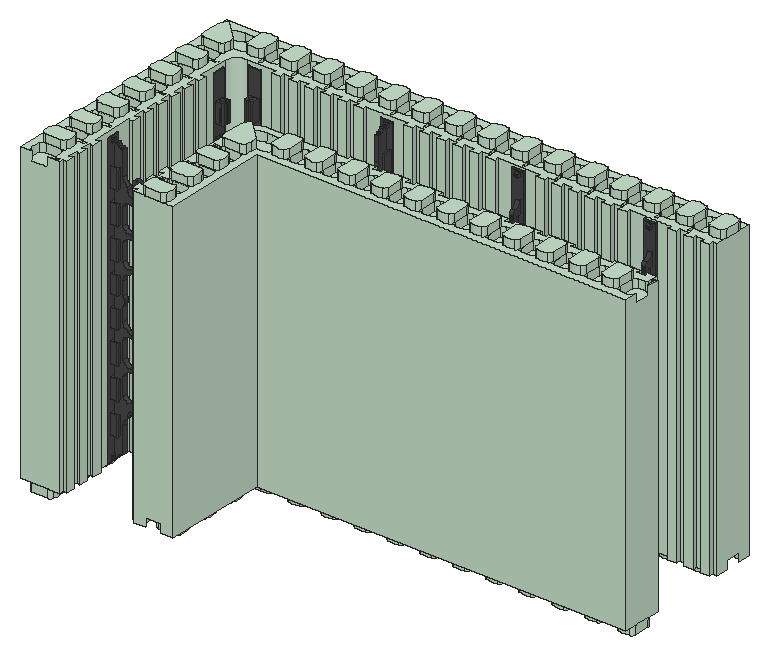
Revit family (continued)
Forms (mm)
  Extrusion 54, void
    sketch origin (381.35, -25.291, 0) x (-1, 0, 0) y (0, -1, 0)
      loop
        arc (-48.685, -95.62) -> (-48.795, -96.199) -> (-49.108, -96.698) r 1.588
        arc (-49.108, -96.698) -> (-50.362, -98.696) -> (-50.8, -101.014) r 6.35
        line (-50.8, -101.014) -> (-50.8, -124.411)
        arc (-50.8, -124.411) -> (-49.585, -128.147) -> (-46.404, -130.453) r 6.35
    from 0 to 12.7
  Extrusion 55, void
    sketch origin (432.15, -25.291, 0) x (-1, 0, 0) y (0, -1, 0)
      loop
        arc (-46.404, -130.453) -> (-38.1, -131.762) -> (-29.796, -130.453) r 26.987
        arc (-29.796, -130.453) -> (-26.615, -128.147) -> (-25.4, -124.411) r 6.35
        line (-25.4, -124.411) -> (-25.4, -101.014)
        arc (-25.4, -101.014) -> (-26.615, -97.278) -> (-29.796, -94.972) r 6.35
        arc (-29.796, -94.972) -> (-36.091, -93.737) -> (-42.5, -94.024) r 26.987
        arc (-42.5, -94.024) -> (-43.786, -93.668) -> (-44.346, -92.457) r 1.588
        line (-44.346, -92.457) -> (-44.346, -86.829) -> (-48.685, -86.829) -> (-48.685, -95.62)
        arc (-48.685, -95.62) -> (-48.795, -96.199) -> (-49.108, -96.698) r 1.588
        arc (-49.108, -96.698) -> (-50.362, -98.696) -> (-50.8, -101.014) r 6.35
        line (-50.8, -101.014) -> (-50.8, -124.411)
        arc (-50.8, -124.411) -> (-49.585, -128.147) -> (-46.404, -130.453) r 6.35
    from 0 to 12.7
  Extrusion 56, void
    sketch origin (482.95, -25.291, 0) x (-1, 0, 0) y (0, -1, 0)
      loop
        arc (-46.404, -130.453) -> (-38.1, -131.762) -> (-29.796, -130.453) r 26.987
        arc (-29.796, -130.453) -> (-26.615, -128.147) -> (-25.4, -124.411) r 6.35
        line (-25.4, -124.411) -> (-25.4, -101.014)
        arc (-25.4, -101.014) -> (-26.615, -97.278) -> (-29.796, -94.972) r 6.35
        arc (-29.796, -94.972) -> (-36.091, -93.737) -> (-42.5, -94.024) r 26.987
        arc (-42.5, -94.024) -> (-43.786, -93.668) -> (-44.346, -92.457) r 1.588
        line (-44.346, -92.457) -> (-44.346, -86.829) -> (-48.685, -86.829) -> (-48.685, -95.62)
        arc (-48.685, -95.62) -> (-48.795, -96.199) -> (-49.108, -96.698) r 1.588
        arc (-49.108, -96.698) -> (-50.362, -98.696) -> (-50.8, -101.014) r 6.35
        line (-50.8, -101.014) -> (-50.8, -124.411)
        arc (-50.8, -124.411) -> (-49.585, -128.147) -> (-46.404, -130.453) r 6.35
    from 0 to 12.7
  Extrusion 57, void
    sketch origin (533.75, -25.291, 0) x (-1, 0, 0) y (0, -1, 0)
      loop
        arc (-46.404, -130.453) -> (-38.1, -131.762) -> (-29.796, -130.453) r 26.987
        arc (-29.796, -130.453) -> (-26.615, -128.147) -> (-25.4, -124.411) r 6.35
        line (-25.4, -124.411) -> (-25.4, -101.014)
        arc (-25.4, -101.014) -> (-26.615, -97.278) -> (-29.796, -94.972) r 6.35
        arc (-29.796, -94.972) -> (-36.091, -93.737) -> (-42.5, -94.024) r 26.987
        arc (-42.5, -94.024) -> (-43.786, -93.668) -> (-44.346, -92.457) r 1.588
        line (-44.346, -92.457) -> (-44.346, -86.829) -> (-48.685, -86.829) -> (-48.685, -95.62)
        arc (-48.685, -95.62) -> (-48.795, -96.199) -> (-49.108, -96.698) r 1.588
        arc (-49.108, -96.698) -> (-50.362, -98.696) -> (-50.8, -101.014) r 6.35
        line (-50.8, -101.014) -> (-50.8, -124.411)
        arc (-50.8, -124.411) -> (-49.585, -128.147) -> (-46.404, -130.453) r 6.35
    from 0 to 12.7
  Extrusion 58, void
    sketch origin (584.55, -25.291, 0) x (-1, 0, 0) y (0, -1, 0)
      loop
        arc (-46.404, -130.453) -> (-38.1, -131.762) -> (-29.796, -130.453) r 26.987
        arc (-29.796, -130.453) -> (-26.615, -128.147) -> (-25.4, -124.411) r 6.35
        line (-25.4, -124.411) -> (-25.4, -101.014)
        arc (-25.4, -101.014) -> (-26.615, -97.278) -> (-29.796, -94.972) r 6.35
        arc (-29.796, -94.972) -> (-36.091, -93.737) -> (-42.5, -94.024) r 26.987
        arc (-42.5, -94.024) -> (-43.786, -93.668) -> (-44.346, -92.457) r 1.588
        line (-44.346, -92.457) -> (-44.346, -86.829) -> (-48.685, -86.829) -> (-48.685, -95.62)
        arc (-48.685, -95.62) -> (-48.795, -96.199) -> (-49.108, -96.698) r 1.588
        arc (-49.108, -96.698) -> (-50.362, -98.696) -> (-50.8, -101.014) r 6.35
        line (-50.8, -101.014) -> (-50.8, -124.411)
        arc (-50.8, -124.411) -> (-49.585, -128.147) -> (-46.404, -130.453) r 6.35
    from 0 to 12.7
  Extrusion 59, void
    sketch origin (635.35, -25.291, 0) x (-1, 0, 0) y (0, -1, 0)
      loop
        arc (-46.404, -130.453) -> (-38.1, -131.762) -> (-29.796, -130.453) r 26.987
        arc (-29.796, -130.453) -> (-26.615, -128.147) -> (-25.4, -124.411) r 6.35
        line (-25.4, -124.411) -> (-25.4, -101.014)
        arc (-25.4, -101.014) -> (-26.615, -97.278) -> (-29.796, -94.972) r 6.35
        arc (-29.796, -94.972) -> (-36.091, -93.737) -> (-42.5, -94.024) r 26.987
        arc (-42.5, -94.024) -> (-43.786, -93.668) -> (-44.346, -92.457) r 1.588
        line (-44.346, -92.457) -> (-44.346, -86.829) -> (-48.685, -86.829) -> (-48.685, -95.62)
        arc (-48.685, -95.62) -> (-48.795, -96.199) -> (-49.108, -96.698) r 1.588
        arc (-49.108, -96.698) -> (-50.362, -98.696) -> (-50.8, -101.014) r 6.35
        line (-50.8, -101.014) -> (-50.8, -124.411)
        arc (-50.8, -124.411) -> (-49.585, -128.147) -> (-46.404, -130.453) r 6.35
    from 0 to 12.7
  Extrusion 60, void
    sketch origin (-25.05, -431.691, 0) x (1, 0, 0) y (0, 1, 0)
      loop
        arc (101.014, 228.6) -> (97.278, 227.385) -> (94.972, 224.204) r 6.35
        arc (94.972, 224.204) -> (93.737, 217.909) -> (94.024, 211.5) r 26.987
        arc (94.024, 211.5) -> (93.668, 210.214) -> (92.457, 209.654) r 1.587
        line (92.457, 209.654) -> (86.829, 209.654) -> (86.829, 205.315) -> (95.62, 205.315)
        arc (95.62, 205.315) -> (96.199, 205.205) -> (96.698, 204.892) r 1.587
        arc (96.698, 204.892) -> (98.696, 203.638) -> (101.014, 203.2) r 6.35
        line (101.014, 203.2) -> (124.411, 203.2)
        arc (124.411, 203.2) -> (128.147, 204.415) -> (130.453, 207.596) r 6.35
        arc (130.453, 207.596) -> (131.763, 215.9) -> (130.453, 224.204) r 26.988
        arc (130.453, 224.204) -> (128.147, 227.385) -> (124.411, 228.6) r 6.35
        line (124.411, 228.6) -> (101.014, 228.6)
    from 0 to 12.7
  Extrusion 61, void
    sketch origin (-25.05, -380.891, 0) x (1, 0, 0) y (0, 1, 0)
      loop
        arc (101.014, 228.6) -> (97.278, 227.385) -> (94.972, 224.204) r 6.35
        arc (94.972, 224.204) -> (93.737, 217.909) -> (94.024, 211.5) r 26.987
        arc (94.024, 211.5) -> (93.668, 210.214) -> (92.457, 209.654) r 1.587
        line (92.457, 209.654) -> (86.829, 209.654) -> (86.829, 205.315) -> (95.62, 205.315)
        arc (95.62, 205.315) -> (96.199, 205.205) -> (96.698, 204.892) r 1.587
        arc (96.698, 204.892) -> (98.696, 203.638) -> (101.014, 203.2) r 6.35
        line (101.014, 203.2) -> (124.411, 203.2)
        arc (124.411, 203.2) -> (128.147, 204.415) -> (130.453, 207.596) r 6.35
        arc (130.453, 207.596) -> (131.763, 215.9) -> (130.453, 224.204) r 26.988
        arc (130.453, 224.204) -> (128.147, 227.385) -> (124.411, 228.6) r 6.35
        line (124.411, 228.6) -> (101.014, 228.6)
    from 0 to 12.7
  Extrusion 62, void
    sketch origin (-25.05, 25.509, 0) x (0, -1, 0) y (1, 0, 0)
      loop
        line (119.063, 93.663) -> (139.7, 93.663)
        arc (139.7, 93.663) -> (141.907, 93.753) -> (144.1, 94.024) r 26.987
        arc (144.1, 94.024) -> (145.386, 93.668) -> (145.946, 92.457) r 1.587
        line (145.946, 92.457) -> (145.946, 86.829) -> (150.285, 86.829) -> (150.285, 95.62)
        arc (150.285, 95.62) -> (150.395, 96.199) -> (150.708, 96.698) r 1.588
        arc (150.708, 96.698) -> (151.962, 98.696) -> (152.4, 101.014) r 6.35
        line (152.4, 101.014) -> (152.4, 124.411)
        arc (152.4, 124.411) -> (151.185, 128.147) -> (148.004, 130.453) r 6.35
        arc (148.004, 130.453) -> (143.903, 131.433) -> (139.7, 131.763) r 26.987
        line (139.7, 131.763) -> (131.763, 131.763) -> (101.102, 101.102)
        arc (101.102, 101.102) -> (109.342, 95.596) -> (119.063, 93.663) r 25.4
    from 0 to 12.7
  Extrusion 63, void
    sketch origin (330.55, 25.509, 0) x (-1, 0, 0) y (0, -1, 0)
      loop
        arc (177.8, 101.014) -> (179.015, 97.278) -> (182.196, 94.972) r 6.35
        arc (182.196, 94.972) -> (188.491, 93.737) -> (194.9, 94.024) r 26.988
        arc (194.9, 94.024) -> (196.186, 93.668) -> (196.746, 92.457) r 1.587
        line (196.746, 92.457) -> (196.746, 86.829) -> (201.085, 86.829) -> (201.085, 95.62)
        arc (201.085, 95.62) -> (201.195, 96.199) -> (201.508, 96.698) r 1.588
        arc (201.508, 96.698) -> (202.762, 98.696) -> (203.2, 101.014) r 6.35
        line (203.2, 101.014) -> (203.2, 124.411)
        arc (203.2, 124.411) -> (201.985, 128.147) -> (198.804, 130.453) r 6.35
        arc (198.804, 130.453) -> (190.5, 131.763) -> (182.196, 130.453) r 26.987
        arc (182.196, 130.453) -> (179.015, 128.147) -> (177.8, 124.411) r 6.35
        line (177.8, 124.411) -> (177.8, 101.014)
    from 0 to 12.7
  Extrusion 64, void
    sketch origin (381.35, 25.509, 0) x (-1, 0, 0) y (0, -1, 0)
      loop
        arc (177.8, 101.014) -> (179.015, 97.278) -> (182.196, 94.972) r 6.35
        arc (182.196, 94.972) -> (188.491, 93.737) -> (194.9, 94.024) r 26.988
        arc (194.9, 94.024) -> (196.186, 93.668) -> (196.746, 92.457) r 1.587
        line (196.746, 92.457) -> (196.746, 86.829) -> (201.085, 86.829) -> (201.085, 95.62)
        arc (201.085, 95.62) -> (201.195, 96.199) -> (201.508, 96.698) r 1.588
        arc (201.508, 96.698) -> (202.762, 98.696) -> (203.2, 101.014) r 6.35
        line (203.2, 101.014) -> (203.2, 124.411)
        arc (203.2, 124.411) -> (201.985, 128.147) -> (198.804, 130.453) r 6.35
        arc (198.804, 130.453) -> (190.5, 131.763) -> (182.196, 130.453) r 26.987
        arc (182.196, 130.453) -> (179.015, 128.147) -> (177.8, 124.411) r 6.35
        line (177.8, 124.411) -> (177.8, 101.014)
    from 0 to 12.7
  Extrusion 65, void
    sketch origin (432.15, 25.509, 0) x (-1, 0, 0) y (0, -1, 0)
      loop
        arc (177.8, 101.014) -> (179.015, 97.278) -> (182.196, 94.972) r 6.35
        arc (182.196, 94.972) -> (188.491, 93.737) -> (194.9, 94.024) r 26.988
        arc (194.9, 94.024) -> (196.186, 93.668) -> (196.746, 92.457) r 1.587
        line (196.746, 92.457) -> (196.746, 86.829) -> (201.085, 86.829) -> (201.085, 95.62)
        arc (201.085, 95.62) -> (201.195, 96.199) -> (201.508, 96.698) r 1.588
        arc (201.508, 96.698) -> (202.762, 98.696) -> (203.2, 101.014) r 6.35
        line (203.2, 101.014) -> (203.2, 124.411)
        arc (203.2, 124.411) -> (201.985, 128.147) -> (198.804, 130.453) r 6.35
        arc (198.804, 130.453) -> (190.5, 131.763) -> (182.196, 130.453) r 26.987
        arc (182.196, 130.453) -> (179.015, 128.147) -> (177.8, 124.411) r 6.35
        line (177.8, 124.411) -> (177.8, 101.014)
    from 0 to 12.7
  Extrusion 66, void
    sketch origin (482.95, 25.509, 0) x (-1, 0, 0) y (0, -1, 0)
      loop
        arc (177.8, 101.014) -> (179.015, 97.278) -> (182.196, 94.972) r 6.35
        arc (182.196, 94.972) -> (188.491, 93.737) -> (194.9, 94.024) r 26.988
        arc (194.9, 94.024) -> (196.186, 93.668) -> (196.746, 92.457) r 1.587
        line (196.746, 92.457) -> (196.746, 86.829) -> (201.085, 86.829) -> (201.085, 95.62)
        arc (201.085, 95.62) -> (201.195, 96.199) -> (201.508, 96.698) r 1.588
        arc (201.508, 96.698) -> (202.762, 98.696) -> (203.2, 101.014) r 6.35
        line (203.2, 101.014) -> (203.2, 124.411)
        arc (203.2, 124.411) -> (201.985, 128.147) -> (198.804, 130.453) r 6.35
        arc (198.804, 130.453) -> (190.5, 131.763) -> (182.196, 130.453) r 26.987
        arc (182.196, 130.453) -> (179.015, 128.147) -> (177.8, 124.411) r 6.35
        line (177.8, 124.411) -> (177.8, 101.014)
    from 0 to 12.7
  Extrusion 67, void
    sketch origin (533.75, 25.509, 0) x (-1, 0, 0) y (0, -1, 0)
      loop
        arc (177.8, 101.014) -> (179.015, 97.278) -> (182.196, 94.972) r 6.35
        arc (182.196, 94.972) -> (188.491, 93.737) -> (194.9, 94.024) r 26.988
        arc (194.9, 94.024) -> (196.186, 93.668) -> (196.746, 92.457) r 1.587
        line (196.746, 92.457) -> (196.746, 86.829) -> (201.085, 86.829) -> (201.085, 95.62)
        arc (201.085, 95.62) -> (201.195, 96.199) -> (201.508, 96.698) r 1.588
        arc (201.508, 96.698) -> (202.762, 98.696) -> (203.2, 101.014) r 6.35
        line (203.2, 101.014) -> (203.2, 124.411)
        arc (203.2, 124.411) -> (201.985, 128.147) -> (198.804, 130.453) r 6.35
        arc (198.804, 130.453) -> (190.5, 131.763) -> (182.196, 130.453) r 26.987
        arc (182.196, 130.453) -> (179.015, 128.147) -> (177.8, 124.411) r 6.35
        line (177.8, 124.411) -> (177.8, 101.014)
    from 0 to 12.7
  Extrusion 68, void
    sketch origin (584.55, 25.509, 0) x (-1, 0, 0) y (0, -1, 0)
      loop
        arc (177.8, 101.014) -> (179.015, 97.278) -> (182.196, 94.972) r 6.35
        arc (182.196, 94.972) -> (188.491, 93.737) -> (194.9, 94.024) r 26.988
        arc (194.9, 94.024) -> (196.186, 93.668) -> (196.746, 92.457) r 1.587
        line (196.746, 92.457) -> (196.746, 86.829) -> (201.085, 86.829) -> (201.085, 95.62)
        arc (201.085, 95.62) -> (201.195, 96.199) -> (201.508, 96.698) r 1.588
        arc (201.508, 96.698) -> (202.762, 98.696) -> (203.2, 101.014) r 6.35
        line (203.2, 101.014) -> (203.2, 124.411)
        arc (203.2, 124.411) -> (201.985, 128.147) -> (198.804, 130.453) r 6.35
        arc (198.804, 130.453) -> (190.5, 131.763) -> (182.196, 130.453) r 26.987
        arc (182.196, 130.453) -> (179.015, 128.147) -> (177.8, 124.411) r 6.35
        line (177.8, 124.411) -> (177.8, 101.014)
    from 0 to 12.7
  Extrusion 69, void
    sketch origin (635.35, 25.509, 0) x (-1, 0, 0) y (0, -1, 0)
      loop
        arc (177.8, 101.014) -> (179.015, 97.278) -> (182.196, 94.972) r 6.35
        arc (182.196, 94.972) -> (188.491, 93.737) -> (194.9, 94.024) r 26.988
        arc (194.9, 94.024) -> (196.186, 93.668) -> (196.746, 92.457) r 1.587
        line (196.746, 92.457) -> (196.746, 86.829) -> (201.085, 86.829) -> (201.085, 95.62)
        arc (201.085, 95.62) -> (201.195, 96.199) -> (201.508, 96.698) r 1.588
        arc (201.508, 96.698) -> (202.762, 98.696) -> (203.2, 101.014) r 6.35
        line (203.2, 101.014) -> (203.2, 124.411)
        arc (203.2, 124.411) -> (201.985, 128.147) -> (198.804, 130.453) r 6.35
        arc (198.804, 130.453) -> (190.5, 131.763) -> (182.196, 130.453) r 26.987
        arc (182.196, 130.453) -> (179.015, 128.147) -> (177.8, 124.411) r 6.35
        line (177.8, 124.411) -> (177.8, 101.014)
    from 0 to 12.7
  Extrusion 70, void
    sketch origin (686.15, 25.509, 0) x (-1, 0, 0) y (0, -1, 0)
      loop
        arc (177.8, 101.014) -> (179.015, 97.278) -> (182.196, 94.972) r 6.35
        arc (182.196, 94.972) -> (188.491, 93.737) -> (194.9, 94.024) r 26.988
        arc (194.9, 94.024) -> (196.186, 93.668) -> (196.746, 92.457) r 1.587
        line (196.746, 92.457) -> (196.746, 86.829) -> (201.085, 86.829) -> (201.085, 95.62)
        arc (201.085, 95.62) -> (201.195, 96.199) -> (201.508, 96.698) r 1.588
        arc (201.508, 96.698) -> (202.762, 98.696) -> (203.2, 101.014) r 6.35
        line (203.2, 101.014) -> (203.2, 124.411)
        arc (203.2, 124.411) -> (201.985, 128.147) -> (198.804, 130.453) r 6.35
        arc (198.804, 130.453) -> (190.5, 131.763) -> (182.196, 130.453) r 26.987
        arc (182.196, 130.453) -> (179.015, 128.147) -> (177.8, 124.411) r 6.35
        line (177.8, 124.411) -> (177.8, 101.014)
    from 0 to 12.7
  Extrusion 71, void
    sketch origin (736.95, 25.509, 0) x (-1, 0, 0) y (0, -1, 0)
      loop
        arc (177.8, 101.014) -> (179.015, 97.278) -> (182.196, 94.972) r 6.35
        arc (182.196, 94.972) -> (188.491, 93.737) -> (194.9, 94.024) r 26.988
        arc (194.9, 94.024) -> (196.186, 93.668) -> (196.746, 92.457) r 1.587
        line (196.746, 92.457) -> (196.746, 86.829) -> (201.085, 86.829) -> (201.085, 95.62)
        arc (201.085, 95.62) -> (201.195, 96.199) -> (201.508, 96.698) r 1.588
        arc (201.508, 96.698) -> (202.762, 98.696) -> (203.2, 101.014) r 6.35
        line (203.2, 101.014) -> (203.2, 124.411)
        arc (203.2, 124.411) -> (201.985, 128.147) -> (198.804, 130.453) r 6.35
        arc (198.804, 130.453) -> (190.5, 131.763) -> (182.196, 130.453) r 26.987
        arc (182.196, 130.453) -> (179.015, 128.147) -> (177.8, 124.411) r 6.35
        line (177.8, 124.411) -> (177.8, 101.014)
    from 0 to 12.7
  Extrusion 72, void
    sketch origin (787.75, 25.509, 0) x (-1, 0, 0) y (0, -1, 0)
      loop
        arc (177.8, 101.014) -> (179.015, 97.278) -> (182.196, 94.972) r 6.35
        arc (182.196, 94.972) -> (188.491, 93.737) -> (194.9, 94.024) r 26.988
        arc (194.9, 94.024) -> (196.186, 93.668) -> (196.746, 92.457) r 1.587
        line (196.746, 92.457) -> (196.746, 86.829) -> (201.085, 86.829) -> (201.085, 95.62)
        arc (201.085, 95.62) -> (201.195, 96.199) -> (201.508, 96.698) r 1.588
        arc (201.508, 96.698) -> (202.762, 98.696) -> (203.2, 101.014) r 6.35
        line (203.2, 101.014) -> (203.2, 124.411)
        arc (203.2, 124.411) -> (201.985, 128.147) -> (198.804, 130.453) r 6.35
        arc (198.804, 130.453) -> (190.5, 131.763) -> (182.196, 130.453) r 26.987
        arc (182.196, 130.453) -> (179.015, 128.147) -> (177.8, 124.411) r 6.35
        line (177.8, 124.411) -> (177.8, 101.014)
    from 0 to 12.7
  Extrusion 73, void
    sketch origin (25.75, -25.291, 0) x (1, 0, 0) y (0, 1, 0)
      loop
        line (-93.662, 93.662) -> (-124.323, 124.323)
        arc (-124.323, 124.323) -> (-129.829, 116.083) -> (-131.762, 106.362) r 25.4
        line (-131.762, 106.362) -> (-131.762, 88.9)
        arc (-131.762, 88.9) -> (-131.433, 84.697) -> (-130.453, 80.596) r 26.988
        arc (-130.453, 80.596) -> (-128.147, 77.415) -> (-124.411, 76.2) r 6.35
        line (-124.411, 76.2) -> (-101.014, 76.2)
        arc (-101.014, 76.2) -> (-97.278, 77.415) -> (-94.972, 80.596) r 6.35
        arc (-94.972, 80.596) -> (-93.992, 84.697) -> (-93.662, 88.9) r 26.987
        line (-93.662, 88.9) -> (-93.662, 93.662)
    from 0 to 12.7
  Extrusion 74, solid, material "NUDURA Expanded Polystyrene Foam Insulation"
    sketch origin (-25.05, 25.509, 0) x (1, 0, 0) y (0, 1, 0)
      loop
        line (131.763, -131.763) -> (139.7, -131.763)
        arc (139.7, -131.763) -> (143.903, -131.433) -> (148.004, -130.453) r 26.987
        arc (148.004, -130.453) -> (151.185, -128.147) -> (152.4, -124.411) r 6.35
        line (152.4, -124.411) -> (152.4, -101.014)
        arc (152.4, -101.014) -> (151.962, -98.696) -> (150.708, -96.698) r 6.35
        arc (150.708, -96.698) -> (149.467, -95.661) -> (148.004, -94.972) r 6.35
        arc (148.004, -94.972) -> (146.07, -94.425) -> (144.1, -94.024) r 26.987
        arc (144.1, -94.024) -> (141.907, -93.753) -> (139.7, -93.663) r 26.987
        line (139.7, -93.663) -> (119.063, -93.663)
        arc (119.063, -93.663) -> (109.342, -95.596) -> (101.102, -101.102) r 25.4
        line (101.102, -101.102) -> (131.763, -131.763)
    from 0 to -12.7
  Extrusion 75, solid, material "NUDURA Expanded Polystyrene Foam Insulation"
    sketch origin (25.75, -25.291, 0) x (1, 0, 0) y (0, 1, 0)
      loop
        arc (-106.362, 131.762) -> (-116.083, 129.829) -> (-124.323, 124.323) r 25.4
        line (-124.323, 124.323) -> (-93.662, 93.662) -> (-88.9, 93.662)
        arc (-88.9, 93.662) -> (-84.697, 93.992) -> (-80.596, 94.972) r 26.988
        arc (-80.596, 94.972) -> (-77.415, 97.278) -> (-76.2, 101.014) r 6.35
        line (-76.2, 101.014) -> (-76.2, 124.411)
        arc (-76.2, 124.411) -> (-77.415, 128.147) -> (-80.596, 130.453) r 6.35
        arc (-80.596, 130.453) -> (-84.697, 131.433) -> (-88.9, 131.762) r 26.988
        line (-88.9, 131.762) -> (-106.362, 131.762)
    from 0 to -12.7
  Extrusion 76, void
    sketch origin (482.95, 25.509, 0) x (1, 0, 0) y (0, 1, 0)
      loop
        line (177.8, -101.014) -> (177.8, -124.411)
        arc (177.8, -124.411) -> (179.015, -128.147) -> (182.196, -130.453) r 6.35
        arc (182.196, -130.453) -> (190.5, -131.763) -> (198.804, -130.453) r 26.987
        arc (198.804, -130.453) -> (201.985, -128.147) -> (203.2, -124.411) r 6.35
        line (203.2, -124.411) -> (203.2, -101.014)
        arc (203.2, -101.014) -> (202.762, -98.696) -> (201.508, -96.698) r 6.35
        arc (201.508, -96.698) -> (201.195, -96.199) -> (201.085, -95.62) r 1.588
        line (201.085, -95.62) -> (201.085, -86.829) -> (196.746, -86.829) -> (196.746, -92.457)
        arc (196.746, -92.457) -> (196.186, -93.668) -> (194.9, -94.024) r 1.587
        arc (194.9, -94.024) -> (188.491, -93.737) -> (182.196, -94.972) r 26.988
        arc (182.196, -94.972) -> (179.015, -97.278) -> (177.8, -101.014) r 6.35
    from 457.2 to 444.5
  Extrusion 77, void
    sketch origin (838.55, 25.509, 0) x (-1, 0, 0) y (0, -1, 0)
      loop
        arc (177.8, 101.014) -> (179.015, 97.278) -> (182.196, 94.972) r 6.35
        arc (182.196, 94.972) -> (188.491, 93.737) -> (194.9, 94.024) r 26.988
        arc (194.9, 94.024) -> (196.186, 93.668) -> (196.746, 92.457) r 1.587
        line (196.746, 92.457) -> (196.746, 86.829) -> (201.085, 86.829) -> (201.085, 95.62)
        arc (201.085, 95.62) -> (201.195, 96.199) -> (201.508, 96.698) r 1.588
        arc (201.508, 96.698) -> (202.762, 98.696) -> (203.2, 101.014) r 6.35
        line (203.2, 101.014) -> (203.2, 124.411)
        arc (203.2, 124.411) -> (201.985, 128.147) -> (198.804, 130.453) r 6.35
        arc (198.804, 130.453) -> (190.5, 131.763) -> (182.196, 130.453) r 26.987
        arc (182.196, 130.453) -> (179.015, 128.147) -> (177.8, 124.411) r 6.35
        line (177.8, 124.411) -> (177.8, 101.014)
    from 0 to 12.7
  Extrusion 78, void
    sketch origin (-25.05, -25.291, 0) x (1, 0, 0) y (0, 1, 0)
      loop
        line (101.014, -228.6) -> (124.411, -228.6)
        arc (124.411, -228.6) -> (128.147, -227.385) -> (130.453, -224.204) r 6.35
        arc (130.453, -224.204) -> (131.763, -215.9) -> (130.453, -207.596) r 26.988
        arc (130.453, -207.596) -> (128.147, -204.415) -> (124.411, -203.2) r 6.35
        line (124.411, -203.2) -> (101.014, -203.2)
        arc (101.014, -203.2) -> (98.696, -203.638) -> (96.698, -204.892) r 6.35
        arc (96.698, -204.892) -> (96.199, -205.205) -> (95.62, -205.315) r 1.587
        line (95.62, -205.315) -> (86.829, -205.315) -> (86.829, -209.654) -> (92.457, -209.654)
        arc (92.457, -209.654) -> (93.668, -210.214) -> (94.024, -211.5) r 1.587
        arc (94.024, -211.5) -> (93.737, -217.909) -> (94.972, -224.204) r 26.987
        arc (94.972, -224.204) -> (97.278, -227.385) -> (101.014, -228.6) r 6.35
    from 457.2 to 444.5
  Extrusion 79, void
    sketch origin (-25.05, -482.491, 0) x (1, 0, 0) y (0, 1, 0)
      loop
        arc (101.014, 228.6) -> (97.278, 227.385) -> (94.972, 224.204) r 6.35
        arc (94.972, 224.204) -> (93.737, 217.909) -> (94.024, 211.5) r 26.987
        arc (94.024, 211.5) -> (93.668, 210.214) -> (92.457, 209.654) r 1.587
        line (92.457, 209.654) -> (86.829, 209.654) -> (86.829, 205.315) -> (95.62, 205.315)
        arc (95.62, 205.315) -> (96.199, 205.205) -> (96.698, 204.892) r 1.587
        arc (96.698, 204.892) -> (98.696, 203.638) -> (101.014, 203.2) r 6.35
        line (101.014, 203.2) -> (124.411, 203.2)
        arc (124.411, 203.2) -> (128.147, 204.415) -> (130.453, 207.596) r 6.35
        arc (130.453, 207.596) -> (131.763, 215.9) -> (130.453, 224.204) r 26.988
        arc (130.453, 224.204) -> (128.147, 227.385) -> (124.411, 228.6) r 6.35
        line (124.411, 228.6) -> (101.014, 228.6)
    from 0 to 12.7
Cuts and joins
  Extrusion 4, Extrusion 5, Extrusion 6, Extrusion 7, Extrusion 8, Extrusion 9, Extrusion 10, Extrusion 11, Extrusion 12, Extrusion 13, Extrusion 14, Extrusion 15, Extrusion 16, Extrusion 17, Extrusion 18, Extrusion 19, Extrusion 20, Extrusion 21, Extrusion 22, Extrusion 23, Extrusion 24, Extrusion 25, Extrusion 26, Extrusion 27, Extrusion 28, Extrusion 29, Extrusion 30, Extrusion 31, Extrusion 32, Extrusion 33, Extrusion 34, Extrusion 35, Extrusion 36, Extrusion 37, Extrusion 38, Extrusion 39, Extrusion 40, Extrusion 41, Extrusion 42, Extrusion 43, Extrusion 44, Extrusion 45, Extrusion 46, Extrusion 47, Extrusion 48, Extrusion 49, Extrusion 50, Extrusion 51, Extrusion 52, Extrusion 53, Extrusion 54, Extrusion 55, Extrusion 56, Extrusion 57, Extrusion 58, Extrusion 59, Extrusion 60, Extrusion 61, Extrusion 62, Extrusion 63, Extrusion 64, Extrusion 65, Extrusion 66, Extrusion 67, Extrusion 68, Extrusion 69, Extrusion 70, Extrusion 71, Extrusion 72, Extrusion 73, Extrusion 76, Extrusion 77, Extrusion 78, Extrusion 79 cuts Extrusion 1
Lines and regions (mm)
  model lines
    curve 1: line (481.258, 117.584, 457.2) -> (481.258, 117.584, 0)
    curve 2: line (76.55, 117.584, 0) -> (76.55, 117.584, 457.2)
Dimensions and locks
  aligned and locked: level to plane 2
  aligned and locked: nested 84 to nested 72
  aligned and locked: nested 86 to nested 73
Nested families
  nested 1: "Interlock Tooth" at (25.75, -228.491, 0) x (0, -1, 0) z (0, 0, 1), type "Interlock Tooth"
  nested 2: "Interlock Tooth" at (25.75, -177.691, 0) x (0, -1, 0) z (0, 0, 1), type "Interlock Tooth"
  nested 3: "Interlock Tooth" at (25.75, -126.891, 0) x (0, -1, 0) z (0, 0, 1), type "Interlock Tooth"
  nested 4: "Interlock Tooth" at (25.75, -76.091, 0) x (0, -1, 0) z (0, 0, 1), type "Interlock Tooth"
  nested 5: "Interlock Tooth" at (25.75, -25.291, 0) x (0, -1, 0) z (0, 0, 1), type "Interlock Tooth"
  nested 6: "Interlock Tooth" at (25.75, 25.509, 0) x (0, -1, 0) z (0, 0, 1), type "Interlock Tooth"
  nested 7: "Interlock Tooth" at (-25.05, -203.091, 0) x (0, -1, 0) z (0, 0, 1), type "Interlock Tooth"
  nested 8: "Interlock Tooth" at (-25.05, -152.291, 0) x (0, -1, 0) z (0, 0, 1), type "Interlock Tooth"
  nested 9: "Interlock Tooth" at (-25.05, -177.691, -469.9) x (0, -1, 0) z (0, 0, 1), type "Interlock Tooth"
  nested 10: "Interlock Tooth" at (-25.05, -126.891, -469.9) x (0, -1, 0) z (0, 0, 1), type "Interlock Tooth"
  nested 11: "Interlock Tooth" at (-199.675, -253.891, -469.9) x (0, -1, 0) z (0, 0, 1), type "Interlock Tooth"
  nested 12: "Interlock Tooth" at (-199.675, -203.091, -469.9) x (0, -1, 0) z (0, 0, 1), type "Interlock Tooth"
  nested 13: "Interlock Tooth" at (-199.675, -152.291, -469.9) x (0, -1, 0) z (0, 0, 1), type "Interlock Tooth"
  nested 14: "Interlock Tooth" at (-199.675, -101.491, -469.9) x (0, -1, 0) z (0, 0, 1), type "Interlock Tooth"
  nested 15: "Interlock Tooth" at (-199.675, -50.691, -469.9) x (0, -1, 0) z (0, 0, 1), type "Interlock Tooth"
  nested 16: "Interlock Tooth" at (-199.675, 0.109, -469.9) x (0, -1, 0) z (0, 0, 1), type "Interlock Tooth"
  nested 17: "Interlock Tooth" at (-199.675, 50.909, -469.9) x (0, -1, 0) z (0, 0, 1), type "Interlock Tooth"
  nested 18: "Interlock Tooth" at (127.35, 25.509, 0), type "Interlock Tooth"
  nested 19: "Interlock Tooth" at (178.15, 25.509, 0), type "Interlock Tooth"
  nested 20: "Interlock Tooth" at (228.95, 25.509, 0), type "Interlock Tooth"
  nested 21: "Interlock Tooth" at (279.75, 25.509, 0), type "Interlock Tooth"
  nested 22: "Interlock Tooth" at (330.55, 25.509, 0), type "Interlock Tooth"
  nested 23: "Interlock Tooth" at (381.35, 25.509, 0), type "Interlock Tooth"
  nested 24: "Interlock Tooth" at (432.15, 25.509, 0), type "Interlock Tooth"
  nested 25: "Interlock Tooth" at (482.95, 25.509, 0), type "Interlock Tooth"
  nested 26: "Interlock Tooth" at (533.75, 25.509, 0), type "Interlock Tooth"
  nested 27: "Interlock Tooth" at (584.55, 25.509, 0), type "Interlock Tooth"
  nested 28: "Interlock Tooth" at (-50.45, -25.291, 0), type "Interlock Tooth"
  nested 29: "Interlock Tooth" at (0.35, -25.291, 0), type "Interlock Tooth"
  nested 30: "Interlock Tooth" at (51.15, -25.291, 0), type "Interlock Tooth"
  nested 31: "Interlock Tooth" at (101.95, -25.291, 0), type "Interlock Tooth"
  nested 32: "Interlock Tooth" at (152.75, -25.291, 0), type "Interlock Tooth"
  nested 33: "Interlock Tooth" at (203.55, -25.291, 0), type "Interlock Tooth"
  nested 34: "Interlock Tooth" at (254.35, -25.291, 0), type "Interlock Tooth"
  nested 35: "Interlock Tooth" at (305.15, -25.291, 0), type "Interlock Tooth"
  nested 36: "Interlock Tooth" at (355.95, -25.291, 0), type "Interlock Tooth"
  nested 37: "Interlock Tooth" at (406.75, -25.291, 0), type "Interlock Tooth"
  nested 38: "Interlock Tooth" at (457.55, -25.291, 0), type "Interlock Tooth"
  nested 39: "Interlock Tooth" at (508.35, -25.291, 0), type "Interlock Tooth"
  nested 40: "Interlock Tooth" at (559.15, -25.291, 0), type "Interlock Tooth"
  nested 41: "Interlock Tooth" at (609.95, -25.291, 0), type "Interlock Tooth"
  nested 42: "Interlock Tooth" at (660.75, -25.291, 0), type "Interlock Tooth"
  nested 43: "Interlock Tooth" at (152.75, -199.916, -469.9), type "Interlock Tooth"
  nested 44: "Interlock Tooth" at (203.55, -199.916, -469.9), type "Interlock Tooth"
  nested 45: "Interlock Tooth" at (254.35, -199.916, -469.9), type "Interlock Tooth"
  nested 46: "Interlock Tooth" at (305.15, -199.916, -469.9), type "Interlock Tooth"
  nested 47: "Interlock Tooth" at (355.95, -199.916, -469.9), type "Interlock Tooth"
  nested 48: "Interlock Tooth" at (406.75, -199.916, -469.9), type "Interlock Tooth"
  nested 49: "Interlock Tooth" at (457.55, -199.916, -469.9), type "Interlock Tooth"
  nested 50: "Interlock Tooth" at (508.35, -199.916, -469.9), type "Interlock Tooth"
  nested 51: "Interlock Tooth" at (559.15, -199.916, -469.9), type "Interlock Tooth"
  nested 52: "Interlock Tooth" at (609.95, -199.916, -469.9), type "Interlock Tooth"
  nested 53: "Interlock Tooth" at (-25.05, -25.291, -469.9), type "Interlock Tooth"
  nested 54: "Interlock Tooth" at (25.75, -25.291, -469.9), type "Interlock Tooth"
  nested 55: "Interlock Tooth" at (76.55, -25.291, -469.9), type "Interlock Tooth"
  nested 56: "Interlock Tooth" at (127.35, -25.291, -469.9), type "Interlock Tooth"
  nested 57: "Interlock Tooth" at (178.15, -25.291, -469.9), type "Interlock Tooth"
  nested 58: "Interlock Tooth" at (228.95, -25.291, -469.9), type "Interlock Tooth"
  nested 59: "Interlock Tooth" at (279.75, -25.291, -469.9), type "Interlock Tooth"
  nested 60: "Interlock Tooth" at (330.55, -25.291, -469.9), type "Interlock Tooth"
  nested 61: "Interlock Tooth" at (381.35, -25.291, -469.9), type "Interlock Tooth"
  nested 62: "Interlock Tooth" at (432.15, -25.291, -469.9), type "Interlock Tooth"
  nested 63: "Interlock Tooth" at (482.95, -25.291, -469.9), type "Interlock Tooth"
  nested 64: "Interlock Tooth" at (533.75, -25.291, -469.9), type "Interlock Tooth"
  nested 65: "Interlock Tooth" at (584.55, -25.291, -469.9), type "Interlock Tooth"
  nested 66: "Interlock Tooth" at (635.35, -25.291, -469.9), type "Interlock Tooth"
  nested 67: "NUDURA Diamond Pattern" at (482.95, 25.509, 0), type "NUDURA Diamond Pattern"
  nested 68: "NUDURA Diamond Pattern" at (482.95, 260.459, 0), type "NUDURA Diamond Pattern"
  nested 69: "NUDURA Diamond Pattern" at (76.55, 260.459, 0), type "NUDURA Diamond Pattern"
  nested 70: "Capture Lug" at (-25.05, -25.291, 0) x (-1, 0, 0) z (0, 0, 1), type "Capture Lugs"
  nested 71: "Capture Lug" at (25.75, 25.509, 0) x (0, -1, 0) z (0, 0, 1), type "Capture Lugs"
  nested 72: "NUDURA Logo Diamond" at (76.615, -117.366, 0), type "NUDURA Logo Diamond"
  nested 73: "NUDURA Logo Diamond" at (-117.125, 127.044, 0) x (0, -1, 0) z (0, 0, 1), type "NUDURA Logo Diamond"
  nested 74: "NUDURA Logo Diamond" at (686.15, 117.584, 0) x (-1, 0, 0) z (0, 0, 1), type "NUDURA Logo Diamond"
  nested 75: "NUDURA Logo Diamond Missing Outside Line" at (279.685, 117.584, 0) x (-1, 0, 0) z (0, 0, 1), type "NUDURA Logo Diamond without Outside Line"
  nested 76: "Interlock Tooth" at (635.35, 25.509, 0), type "Interlock Tooth"
  nested 77: "Interlock Tooth" at (660.75, -199.916, -469.9), type "Interlock Tooth"
  nested 78: "Interlock Tooth" at (-25.05, -253.891, 0) x (0, -1, 0) z (0, 0, 1), type "Interlock Tooth"
  nested 79: "Interlock Tooth" at (-25.05, -228.491, -469.9) x (0, -1, 0) z (0, 0, 1), type "Interlock Tooth"
  nested 80: "4-inch Insert Web" at (0.35, -177.691, 0) x (0, 1, 0) z (0, 0, 1), type "4-inch Insert Web"
  nested 81: "4-inch Insert Web" at (178.15, 0.109, 0) x (-1, 0, 0) z (0, 0, 1), type "4-inch Insert Web"
  nested 82: "4-inch Web" at (381.35, 0.109, 0), type "4-inch Web"
  nested 83: "4-inch Web" at (584.55, 0.109, 0), type "4-inch Web"
  nested 84: "NUDURA Diamond Pattern" at (76.55, 25.509, 0), type "NUDURA Diamond Pattern"
  nested 85: "NUDURA Diamond Pattern Missing One Line" at (-25.05, -279.291, 0) x (0, 1, 0) z (0, 0, 1), type "NUDURA Diamond Pattern minus one line"
  nested 86: "NUDURA Diamond Pattern" at (25.75, 127.109, 0) x (0, -1, 0) z (0, 0, 1), type "NUDURA Diamond Pattern"
Definition of nested family "Interlock Tooth"
  Reference planes
    plane 1 "Center (Front/Back)": y = 0
    plane 2: z = 0
    plane 3 "Center (Left/Right)": x = 0
    plane 4: z = 457.2
    plane 5: z = 469.9
    plane 6: z = -12.7
  Forms (mm)
    Extrusion 1, solid, material "NUDURA Expanded Polystyrene Foam Insulation"
      sketch origin (0, -225.425, 0) x (1, 0, 0) y (0, 1, 0)
        loop
          arc (0, 101.014) -> (1.215, 97.278) -> (4.396, 94.972) r 6.35
          arc (4.396, 94.972) -> (12.7, 93.663) -> (21.004, 94.972) r 26.988
          arc (21.004, 94.972) -> (24.185, 97.278) -> (25.4, 101.014) r 6.35
          line (25.4, 101.014) -> (25.4, 124.411)
          arc (25.4, 124.411) -> (24.185, 128.147) -> (21.004, 130.453) r 6.35
          arc (21.004, 130.453) -> (12.7, 131.763) -> (4.396, 130.453) r 26.987
          arc (4.396, 130.453) -> (1.215, 128.147) -> (0, 124.411) r 6.35
          line (0, 124.411) -> (0, 101.014)
      from 457.2 to 469.9
  Dimensions and locks
    locked: plane 4 to level at 457.2
    locked: plane 4 to plane 5 at 12.7
    locked: plane 6 to level at 12.7
Definition of nested family "Capture Lug"
  Reference planes
    plane 1 "Center (Front/Back)": y = 0
    plane 2: z = 0
    plane 3 "Center (Left/Right)": x = 0
  Forms (mm)
    Extrusion 1, solid, material "High Density Polystyrene"
      sketch origin (0, 0, 0) x (0, 1, 0) y (0, 0, 1)
        loop
          arc (-82.55, 0) -> (-81.817, 0.502) -> (-81.534, 1.344) r 1.397
          line (-81.534, 1.344) -> (-81.534, 449.4)
          arc (-81.534, 449.4) -> (-81.817, 450.243) -> (-82.55, 450.744) r 1.397
          line (-82.55, 450.744) -> (-82.55, 0)
      from 9.227 to -9.227
    Extrusion 2, solid, material "High Density Polystyrene"
      sketch origin (0, 0, 0) x (0, 1, 0) y (0, 0, 1)
        loop
          line (-81.534, 410.919) -> (-81.534, 380.439) -> (-68.834, 380.439) -> (-68.834, 410.919) -> (-81.534, 410.919)
        loop
          line (-81.534, 361.389) -> (-81.534, 330.909) -> (-68.834, 330.909) -> (-68.834, 361.389) -> (-81.534, 361.389)
        loop
          line (-81.534, 311.859) -> (-81.534, 281.379) -> (-68.834, 281.379) -> (-68.834, 311.859) -> (-81.534, 311.859)
        loop
          line (-81.534, 262.329) -> (-81.534, 234.897) -> (-68.834, 234.897) -> (-68.834, 262.329) -> (-81.534, 262.329)
        loop
          line (-81.534, 215.847) -> (-81.534, 188.415) -> (-68.834, 188.415) -> (-68.834, 215.847) -> (-81.534, 215.847)
        loop
          line (-81.534, 169.365) -> (-81.534, 138.885) -> (-68.834, 138.885) -> (-68.834, 169.365) -> (-81.534, 169.365)
        loop
          line (-81.534, 119.835) -> (-81.534, 89.355) -> (-68.834, 89.355) -> (-68.834, 119.835) -> (-81.534, 119.835)
        loop
          line (-81.534, 70.305) -> (-81.534, 39.825) -> (-68.834, 39.825) -> (-68.834, 70.305) -> (-81.534, 70.305)
      from 6.35 to -6.35
    Extrusion 3, void
      sketch origin (0, 0, 0) x (1, 0, 0) y (0, 1, 0)
        loop
          arc (-6.35, -70.929) -> (-5.736, -69.448) -> (-4.255, -68.834) r 2.095
          line (-4.255, -68.834) -> (-6.35, -68.834) -> (-6.35, -70.929)
      from 0 to 457.2
    Extrusion 4, void
      sketch origin (0, 0, 0) x (-1, 0, 0) y (0, -1, 0)
        loop
          line (-6.35, 70.929) -> (-6.35, 68.834) -> (-4.255, 68.834)
          arc (-4.255, 68.834) -> (-5.736, 69.448) -> (-6.35, 70.929) r 2.095
      from 0 to 457.2
    Extrusion 5, void
      sketch origin (0, 0, 0) x (1, 0, 0) y (0, 1, 0)
        loop
          arc (-1.191, -72.009) -> (0, -78.127) -> (1.191, -72.009) r 3.175
          line (1.191, -72.009) -> (1.191, -68.834) -> (-1.191, -68.834) -> (-1.191, -72.009)
      from 0 to 457.2
  Cuts and joins
    Extrusion 3, Extrusion 4 cuts Extrusion 1
    Extrusion 3, Extrusion 4, Extrusion 5 cuts Extrusion 2
Definition of nested family "4-inch Insert Web"
  Reference planes
    plane 1 "Center (Front/Back)": y = 0
    plane 2: z = 0
    plane 3 "Center (Left/Right)": x = 0
  Forms (mm)
    Extrusion 1, solid, material "High Density Polystyrene"
      sketch origin (0, 0, 0) x (0, 1, 0) y (0, 0, 1)
        loop
          line (57.15, 0) -> (57.15, 450.744)
          arc (57.15, 450.744) -> (56.417, 450.243) -> (56.134, 449.4) r 1.397
          line (56.134, 449.4) -> (56.134, 1.344)
          arc (56.134, 1.344) -> (56.417, 0.502) -> (57.15, 0) r 1.397
        loop
          arc (-57.15, 0) -> (-56.417, 0.502) -> (-56.134, 1.344) r 1.397
          line (-56.134, 1.344) -> (-56.134, 449.4)
          arc (-56.134, 449.4) -> (-56.417, 450.243) -> (-57.15, 450.744) r 1.397
          line (-57.15, 450.744) -> (-57.15, 0)
      from 9.227 to -9.227
    Extrusion 2, solid, material "High Density Polystyrene"
      sketch origin (0, 0, 0) x (0, 1, 0) y (0, 0, 1)
        loop
          arc (55.598, 442.16) -> (55.975, 442.021) -> (56.134, 441.652) r 0.508
          line (56.134, 441.652) -> (56.134, 447.972)
          arc (56.134, 447.972) -> (56.029, 447.585) -> (55.742, 447.306) r 0.762
          line (55.742, 447.306) -> (53.986, 446.33)
          arc (53.986, 446.33) -> (53.699, 446.05) -> (53.594, 445.664) r 0.762
          line (53.594, 445.664) -> (53.594, 442.585)
          arc (53.594, 442.585) -> (53.753, 442.216) -> (54.13, 442.078) r 0.508
          line (54.13, 442.078) -> (55.598, 442.16)
        loop
          line (-53.986, 446.33) -> (-55.742, 447.306)
          arc (-55.742, 447.306) -> (-56.029, 447.585) -> (-56.134, 447.972) r 0.762
          line (-56.134, 447.972) -> (-56.134, 441.652)
          arc (-56.134, 441.652) -> (-55.975, 442.021) -> (-55.598, 442.16) r 0.508
          line (-55.598, 442.16) -> (-54.13, 442.078)
          arc (-54.13, 442.078) -> (-53.753, 442.216) -> (-53.594, 442.585) r 0.508
          line (-53.594, 442.585) -> (-53.594, 445.664)
          arc (-53.594, 445.664) -> (-53.699, 446.05) -> (-53.986, 446.33) r 0.762
        loop
          line (55.598, 8.585) -> (54.13, 8.666)
          arc (54.13, 8.666) -> (53.753, 8.528) -> (53.594, 8.159) r 0.508
          line (53.594, 8.159) -> (53.594, 5.08)
          arc (53.594, 5.08) -> (53.699, 4.694) -> (53.986, 4.414) r 0.762
          line (53.986, 4.414) -> (55.742, 3.439)
          arc (55.742, 3.439) -> (56.029, 3.159) -> (56.134, 2.772) r 0.762
          line (56.134, 2.772) -> (56.134, 9.092)
          arc (56.134, 9.092) -> (55.975, 8.723) -> (55.598, 8.585) r 0.508
        loop
          arc (-53.986, 4.414) -> (-53.699, 4.694) -> (-53.594, 5.08) r 0.762
          line (-53.594, 5.08) -> (-53.594, 8.159)
          arc (-53.594, 8.159) -> (-53.753, 8.528) -> (-54.13, 8.666) r 0.508
          line (-54.13, 8.666) -> (-55.598, 8.585)
          arc (-55.598, 8.585) -> (-55.975, 8.723) -> (-56.134, 9.092) r 0.508
          line (-56.134, 9.092) -> (-56.134, 2.772)
          arc (-56.134, 2.772) -> (-56.029, 3.159) -> (-55.742, 3.439) r 0.762
          line (-55.742, 3.439) -> (-53.986, 4.414)
        loop
          line (50.8, 437.076) -> (48.895, 442.918)
          arc (48.895, 442.918) -> (47.625, 443.68) -> (46.355, 442.918) r 1.439
          line (46.355, 442.918) -> (45.113, 439.108) -> (41.883, 439.108)
          arc (41.883, 439.108) -> (41.004, 438.744) -> (40.64, 437.865) r 1.243
          line (40.64, 437.865) -> (40.64, 437.076) -> (38.1, 437.076) -> (38.1, 400.201)
          arc (38.1, 400.201) -> (36.344, 393.421) -> (31.518, 388.345) r 13.97
          arc (31.518, 388.345) -> (30.285, 386.915) -> (30.081, 385.039) r 3.175
          arc (30.081, 385.039) -> (18.776, 376.743) -> (19.602, 390.741) r 7.747
          arc (19.602, 390.741) -> (22.454, 398.563) -> (14.366, 400.538) r 5.588
          arc (14.366, 400.538) -> (7.52, 397.224) -> (0, 396.085) r 25.4
          arc (0, 396.085) -> (-7.52, 397.224) -> (-14.366, 400.538) r 25.4
          arc (-14.366, 400.538) -> (-22.454, 398.563) -> (-19.602, 390.741) r 5.588
          arc (-19.602, 390.741) -> (-18.776, 376.743) -> (-30.081, 385.039) r 7.747
          arc (-30.081, 385.039) -> (-30.285, 386.915) -> (-31.518, 388.345) r 3.175
          arc (-31.518, 388.345) -> (-36.344, 393.421) -> (-38.1, 400.201) r 13.97
          line (-38.1, 400.201) -> (-38.1, 437.076) -> (-40.64, 437.076) -> (-40.64, 437.865)
          arc (-40.64, 437.865) -> (-41.004, 438.744) -> (-41.883, 439.108) r 1.243
          line (-41.883, 439.108) -> (-45.113, 439.108) -> (-46.355, 442.918)
          arc (-46.355, 442.918) -> (-47.625, 443.68) -> (-48.895, 442.918) r 1.439
          line (-48.895, 442.918) -> (-50.8, 437.076) -> (-50.8, 16.896) -> (-48.895, 11.054)
          arc (-48.895, 11.054) -> (-47.625, 10.292) -> (-46.355, 11.054) r 1.439
          line (-46.355, 11.054) -> (-45.113, 14.864) -> (-41.883, 14.864)
          arc (-41.883, 14.864) -> (-41.004, 15.228) -> (-40.64, 16.107) r 1.243
          line (-40.64, 16.107) -> (-40.64, 16.896) -> (-38.1, 16.896) -> (-38.1, 56.999)
          arc (-38.1, 56.999) -> (-36.344, 63.779) -> (-31.518, 68.855) r 13.97
          arc (-31.518, 68.855) -> (-30.285, 70.285) -> (-30.081, 72.161) r 3.175
          arc (-30.081, 72.161) -> (-18.776, 80.457) -> (-19.602, 66.459) r 7.747
          arc (-19.602, 66.459) -> (-22.454, 58.637) -> (-14.366, 56.662) r 5.588
          arc (-14.366, 56.662) -> (-7.52, 59.976) -> (0, 61.115) r 25.4
          arc (0, 61.115) -> (7.52, 59.976) -> (14.366, 56.662) r 25.4
          arc (14.366, 56.662) -> (22.454, 58.637) -> (19.602, 66.459) r 5.588
          arc (19.602, 66.459) -> (18.776, 80.457) -> (30.081, 72.161) r 7.747
          arc (30.081, 72.161) -> (30.285, 70.285) -> (31.518, 68.855) r 3.175
          arc (31.518, 68.855) -> (36.344, 63.779) -> (38.1, 56.999) r 13.97
          line (38.1, 56.999) -> (38.1, 16.896) -> (40.64, 16.896) -> (40.64, 16.107)
          arc (40.64, 16.107) -> (41.004, 15.228) -> (41.883, 14.864) r 1.243
          line (41.883, 14.864) -> (45.113, 14.864) -> (46.355, 11.054)
          arc (46.355, 11.054) -> (47.625, 10.292) -> (48.895, 11.054) r 1.439
          line (48.895, 11.054) -> (50.8, 16.896) -> (50.8, 437.076)
        loop
          line (28.016, 366.947) -> (8.37, 357.753)
          arc (8.37, 357.753) -> (4.342, 351.679) -> (1.524, 344.958) r 38.683
          line (1.524, 344.958) -> (1.524, 330.717)
          arc (1.524, 330.717) -> (4.39, 325.677) -> (9.462, 322.866) r 10.723
          line (9.462, 322.866) -> (28.575, 322.866)
          arc (28.575, 322.866) -> (34.302, 326.664) -> (38.1, 332.391) r 17.304
          line (38.1, 332.391) -> (38.1, 358.508)
          arc (38.1, 358.508) -> (34.431, 364.369) -> (28.016, 366.947) r 11.169
        loop
          arc (-28.016, 366.947) -> (-34.431, 364.369) -> (-38.1, 358.508) r 11.169
          line (-38.1, 358.508) -> (-38.1, 332.391)
          arc (-38.1, 332.391) -> (-34.302, 326.664) -> (-28.575, 322.866) r 17.304
          line (-28.575, 322.866) -> (-9.462, 322.866)
          arc (-9.462, 322.866) -> (-4.39, 325.677) -> (-1.524, 330.717) r 10.723
          line (-1.524, 330.717) -> (-1.524, 344.958)
          arc (-1.524, 344.958) -> (-4.342, 351.679) -> (-8.37, 357.753) r 38.683
          line (-8.37, 357.753) -> (-28.016, 366.947)
        loop
          arc (28.016, 274.213) -> (34.431, 276.792) -> (38.1, 282.652) r 11.169
          line (38.1, 282.652) -> (38.1, 308.769)
          arc (38.1, 308.769) -> (34.302, 314.497) -> (28.575, 318.294) r 17.304
          line (28.575, 318.294) -> (9.462, 318.294)
          arc (9.462, 318.294) -> (4.39, 315.483) -> (1.524, 310.443) r 10.723
          line (1.524, 310.443) -> (1.524, 296.202)
          arc (1.524, 296.202) -> (4.342, 289.481) -> (8.37, 283.408) r 38.683
          line (8.37, 283.408) -> (28.016, 274.213)
        loop
          line (-28.016, 274.213) -> (-8.37, 283.408)
          arc (-8.37, 283.408) -> (-4.342, 289.481) -> (-1.524, 296.202) r 38.683
          line (-1.524, 296.202) -> (-1.524, 310.443)
          arc (-1.524, 310.443) -> (-4.39, 315.483) -> (-9.462, 318.294) r 10.723
          line (-9.462, 318.294) -> (-28.575, 318.294)
          arc (-28.575, 318.294) -> (-34.302, 314.497) -> (-38.1, 308.769) r 17.304
          line (-38.1, 308.769) -> (-38.1, 282.652)
          arc (-38.1, 282.652) -> (-34.431, 276.792) -> (-28.016, 274.213) r 11.169
        loop
          arc (10.766, 277.238) -> (5.515, 279.027) -> (0, 279.633) r 25.4
          arc (0, 279.633) -> (-5.515, 279.027) -> (-10.766, 277.238) r 25.4
          line (-10.766, 277.238) -> (-30.783, 267.87)
          arc (-30.783, 267.87) -> (-36.116, 263.184) -> (-38.1, 256.368) r 12.7
          line (-38.1, 256.368) -> (-38.1, 236.534) -> (-35.052, 231.454) -> (-35.052, 228.6) -> (-35.052, 225.746) -> (-38.1, 220.666) -> (-38.1, 200.832)
          arc (-38.1, 200.832) -> (-36.116, 194.016) -> (-30.783, 189.33) r 12.7
          line (-30.783, 189.33) -> (-10.766, 179.962)
          arc (-10.766, 179.962) -> (-5.515, 178.173) -> (0, 177.567) r 25.4
          arc (0, 177.567) -> (5.515, 178.173) -> (10.766, 179.962) r 25.4
          line (10.766, 179.962) -> (30.783, 189.33)
          arc (30.783, 189.33) -> (36.116, 194.016) -> (38.1, 200.832) r 12.7
          line (38.1, 200.832) -> (38.1, 220.666) -> (35.052, 225.746) -> (35.052, 228.6) -> (35.052, 231.454) -> (38.1, 236.534) -> (38.1, 256.368)
          arc (38.1, 256.368) -> (36.116, 263.184) -> (30.783, 267.87) r 12.7
          line (30.783, 267.87) -> (10.766, 277.238)
        loop
          arc (28.016, 90.253) -> (34.431, 92.831) -> (38.1, 98.692) r 11.169
          line (38.1, 98.692) -> (38.1, 124.809)
          arc (38.1, 124.809) -> (34.302, 130.536) -> (28.575, 134.334) r 17.304
          line (28.575, 134.334) -> (9.462, 134.334)
          arc (9.462, 134.334) -> (4.39, 131.523) -> (1.524, 126.483) r 10.723
          line (1.524, 126.483) -> (1.524, 112.242)
          arc (1.524, 112.242) -> (4.342, 105.521) -> (8.37, 99.447) r 38.683
          line (8.37, 99.447) -> (28.016, 90.253)
        loop
          line (-28.016, 90.253) -> (-8.37, 99.447)
          arc (-8.37, 99.447) -> (-4.342, 105.521) -> (-1.524, 112.242) r 38.683
          line (-1.524, 112.242) -> (-1.524, 126.483)
          arc (-1.524, 126.483) -> (-4.39, 131.523) -> (-9.462, 134.334) r 10.723
          line (-9.462, 134.334) -> (-28.575, 134.334)
          arc (-28.575, 134.334) -> (-34.302, 130.536) -> (-38.1, 124.809) r 17.304
          line (-38.1, 124.809) -> (-38.1, 98.692)
          arc (-38.1, 98.692) -> (-34.431, 92.831) -> (-28.016, 90.253) r 11.169
        loop
          line (28.016, 182.987) -> (8.37, 173.792)
          arc (8.37, 173.792) -> (4.342, 167.719) -> (1.524, 160.998) r 38.683
          line (1.524, 160.998) -> (1.524, 146.757)
          arc (1.524, 146.757) -> (4.39, 141.717) -> (9.462, 138.906) r 10.723
          line (9.462, 138.906) -> (28.575, 138.906)
          arc (28.575, 138.906) -> (34.302, 142.703) -> (38.1, 148.431) r 17.304
          line (38.1, 148.431) -> (38.1, 174.548)
          arc (38.1, 174.548) -> (34.431, 180.408) -> (28.016, 182.987) r 11.169
        loop
          arc (-28.016, 182.987) -> (-34.431, 180.408) -> (-38.1, 174.548) r 11.169
          line (-38.1, 174.548) -> (-38.1, 148.431)
          arc (-38.1, 148.431) -> (-34.302, 142.703) -> (-28.575, 138.906) r 17.304
          line (-28.575, 138.906) -> (-9.462, 138.906)
          arc (-9.462, 138.906) -> (-4.39, 141.717) -> (-1.524, 146.757) r 10.723
          line (-1.524, 146.757) -> (-1.524, 160.998)
          arc (-1.524, 160.998) -> (-4.342, 167.719) -> (-8.37, 173.792) r 38.683
          line (-8.37, 173.792) -> (-28.016, 182.987)
      from 3.175 to -3.175
    Extrusion 3, solid, material "High Density Polystyrene"
      sketch origin (0, 0, 0) x (0, 1, 0) y (0, 0, 1)
        loop
          line (56.134, 410.919) -> (43.434, 410.919) -> (43.434, 380.439) -> (56.134, 380.439) -> (56.134, 410.919)
        loop
          line (56.134, 361.389) -> (43.434, 361.389) -> (43.434, 330.909) -> (56.134, 330.909) -> (56.134, 361.389)
        loop
          line (56.134, 311.859) -> (43.434, 311.859) -> (43.434, 281.379) -> (56.134, 281.379) -> (56.134, 311.859)
        loop
          line (56.134, 262.329) -> (43.434, 262.329) -> (43.434, 234.897) -> (56.134, 234.897) -> (56.134, 262.329)
        loop
          line (56.134, 215.847) -> (43.434, 215.847) -> (43.434, 188.415) -> (56.134, 188.415) -> (56.134, 215.847)
        loop
          line (56.134, 169.365) -> (43.434, 169.365) -> (43.434, 138.885) -> (56.134, 138.885) -> (56.134, 169.365)
        loop
          line (56.134, 119.835) -> (43.434, 119.835) -> (43.434, 89.355) -> (56.134, 89.355) -> (56.134, 119.835)
        loop
          line (56.134, 70.305) -> (43.434, 70.305) -> (43.434, 39.825) -> (56.134, 39.825) -> (56.134, 70.305)
        loop
          line (-56.134, 410.919) -> (-56.134, 380.439) -> (-43.434, 380.439) -> (-43.434, 410.919) -> (-56.134, 410.919)
        loop
          line (-56.134, 361.389) -> (-56.134, 330.909) -> (-43.434, 330.909) -> (-43.434, 361.389) -> (-56.134, 361.389)
        loop
          line (-56.134, 311.859) -> (-56.134, 281.379) -> (-43.434, 281.379) -> (-43.434, 311.859) -> (-56.134, 311.859)
        loop
          line (-56.134, 262.329) -> (-56.134, 234.897) -> (-43.434, 234.897) -> (-43.434, 262.329) -> (-56.134, 262.329)
        loop
          line (-56.134, 215.847) -> (-56.134, 188.415) -> (-43.434, 188.415) -> (-43.434, 215.847) -> (-56.134, 215.847)
        loop
          line (-56.134, 169.365) -> (-56.134, 138.885) -> (-43.434, 138.885) -> (-43.434, 169.365) -> (-56.134, 169.365)
        loop
          line (-56.134, 119.835) -> (-56.134, 89.355) -> (-43.434, 89.355) -> (-43.434, 119.835) -> (-56.134, 119.835)
        loop
          line (-56.134, 70.305) -> (-56.134, 39.825) -> (-43.434, 39.825) -> (-43.434, 70.305) -> (-56.134, 70.305)
      from 6.35 to -6.35
    Extrusion 4, void
      sketch origin (0, -25.4, 0) x (1, 0, 0) y (0, 1, 0)
        loop
          line (-6.35, 70.929) -> (-6.35, 68.834) -> (-4.255, 68.834)
          arc (-4.255, 68.834) -> (-5.736, 69.448) -> (-6.35, 70.929) r 2.095
      from 0 to 457.2
    Extrusion 5, void
      sketch origin (0, -25.4, 0) x (-1, 0, 0) y (0, -1, 0)
        loop
          arc (-6.35, -70.929) -> (-5.736, -69.448) -> (-4.255, -68.834) r 2.095
          line (-4.255, -68.834) -> (-6.35, -68.834) -> (-6.35, -70.929)
      from 0 to 457.2
    Extrusion 6, void
      sketch origin (0, 25.4, 0) x (1, 0, 0) y (0, 1, 0)
        loop
          arc (-6.35, -70.929) -> (-5.736, -69.448) -> (-4.255, -68.834) r 2.095
          line (-4.255, -68.834) -> (-6.35, -68.834) -> (-6.35, -70.929)
      from 0 to 457.2
    Extrusion 7, void
      sketch origin (0, 25.4, 0) x (-1, 0, 0) y (0, -1, 0)
        loop
          line (-6.35, 70.929) -> (-6.35, 68.834) -> (-4.255, 68.834)
          arc (-4.255, 68.834) -> (-5.736, 69.448) -> (-6.35, 70.929) r 2.095
      from 0 to 457.2
  Cuts and joins
    Extrusion 4, Extrusion 5, Extrusion 6, Extrusion 7 cuts Extrusion 1
    Extrusion 4, Extrusion 5, Extrusion 6, Extrusion 7 cuts Extrusion 3
Definition of nested family "4-inch Web"
  Reference planes
    plane 1 "Center (Front/Back)": y = 0
    plane 2: z = 0
    plane 3 "Center (Left/Right)": x = 0
  Forms (mm)
    Extrusion 1, solid, material "Polypropylene"
      sketch origin (0, -50.8, -12.7) x (0, 1, 0) y (0, 0, 1)
        loop
          arc (106.299, 25.02) -> (106.14, 24.651) -> (105.763, 24.513) r 0.508
          line (105.763, 24.513) -> (101.755, 24.735)
          arc (101.755, 24.735) -> (101.378, 24.597) -> (101.219, 24.228) r 0.508
          line (101.219, 24.228) -> (101.219, 22.419)
          arc (101.219, 22.419) -> (101.324, 22.033) -> (101.611, 21.753) r 0.762
          line (101.611, 21.753) -> (105.907, 19.367)
          arc (105.907, 19.367) -> (106.194, 19.087) -> (106.299, 18.7) r 0.762
          line (106.299, 18.7) -> (106.299, 25.02)
        loop
          line (-4.699, 25.02) -> (-4.699, 18.7)
          arc (-4.699, 18.7) -> (-4.594, 19.087) -> (-4.307, 19.367) r 0.762
          line (-4.307, 19.367) -> (-0.011, 21.753)
          arc (-0.011, 21.753) -> (0.276, 22.033) -> (0.381, 22.419) r 0.762
          line (0.381, 22.419) -> (0.381, 24.228)
          arc (0.381, 24.228) -> (0.222, 24.597) -> (-0.155, 24.735) r 0.508
          line (-0.155, 24.735) -> (-4.163, 24.513)
          arc (-4.163, 24.513) -> (-4.54, 24.651) -> (-4.699, 25.02) r 0.508
        loop
          line (101.473, 391.063) -> (101.473, 403.762) -> (98.806, 403.762) -> (98.806, 405.541) -> (105.494, 405.541)
          arc (105.494, 405.541) -> (105.911, 405.485) -> (106.299, 405.322) r 1.587
          line (106.299, 405.322) -> (106.299, 425.012)
          arc (106.299, 425.012) -> (103.551, 418.756) -> (97.959, 414.83) r 12.7
          arc (97.959, 414.83) -> (94.891, 412.509) -> (93.726, 408.843) r 6.35
          line (93.726, 408.843) -> (93.726, 407.128)
          arc (93.726, 407.128) -> (94.191, 406.006) -> (95.313, 405.541) r 1.588
          line (95.313, 405.541) -> (96.52, 405.541) -> (96.52, 403.762) -> (93.839, 403.762)
          arc (93.839, 403.762) -> (88.736, 403.993) -> (83.781, 405.241) r 25.4
          arc (83.781, 405.241) -> (81.506, 404.77) -> (80.818, 402.551) r 2.286
          arc (80.818, 402.551) -> (69.709, 393.89) -> (70.402, 407.959) r 7.747
          arc (70.402, 407.959) -> (73.514, 415.222) -> (66.25, 418.335) r 5.588
          arc (66.25, 418.335) -> (60.197, 414.438) -> (56.037, 408.562) r 18.923
          arc (56.037, 408.562) -> (53.917, 406.084) -> (50.8, 405.128) r 5.842
          arc (50.8, 405.128) -> (47.683, 406.084) -> (45.563, 408.562) r 5.842
          arc (45.563, 408.562) -> (41.403, 414.438) -> (35.35, 418.335) r 18.923
          arc (35.35, 418.335) -> (28.086, 415.222) -> (31.198, 407.959) r 5.588
          arc (31.198, 407.959) -> (31.891, 393.89) -> (20.782, 402.551) r 7.747
          arc (20.782, 402.551) -> (20.094, 404.77) -> (17.819, 405.241) r 2.286
          arc (17.819, 405.241) -> (12.864, 403.993) -> (7.761, 403.762) r 25.4
          line (7.761, 403.762) -> (5.08, 403.762) -> (5.08, 405.541) -> (6.287, 405.541)
          arc (6.287, 405.541) -> (7.409, 406.006) -> (7.874, 407.128) r 1.588
          line (7.874, 407.128) -> (7.874, 408.843)
          arc (7.874, 408.843) -> (6.709, 412.509) -> (3.641, 414.83) r 6.35
          arc (3.641, 414.83) -> (-1.951, 418.756) -> (-4.699, 425.012) r 12.7
          line (-4.699, 425.012) -> (-4.699, 405.322)
          arc (-4.699, 405.322) -> (-4.311, 405.485) -> (-3.894, 405.541) r 1.587
          line (-3.894, 405.541) -> (2.794, 405.541) -> (2.794, 403.762) -> (0.127, 403.762) -> (0.127, 391.063) -> (2.794, 391.063) -> (2.794, 389.285) -> (-3.112, 389.285)
          arc (-3.112, 389.285) -> (-4.234, 389.75) -> (-4.699, 390.872) r 1.587
          line (-4.699, 390.872) -> (-4.699, 370.933)
          arc (-4.699, 370.933) -> (-4.234, 372.056) -> (-3.112, 372.521) r 1.587
          line (-3.112, 372.521) -> (2.794, 372.521) -> (2.794, 370.743) -> (0.127, 370.743) -> (0.127, 358.043) -> (2.794, 358.043) -> (2.794, 356.265) -> (-3.112, 356.265)
          arc (-3.112, 356.265) -> (-4.234, 356.73) -> (-4.699, 357.852) r 1.587
          line (-4.699, 357.852) -> (-4.699, 337.913)
          arc (-4.699, 337.913) -> (-4.234, 339.036) -> (-3.112, 339.501) r 1.587
          line (-3.112, 339.501) -> (2.794, 339.501) -> (2.794, 337.723) -> (0.127, 337.723) -> (0.127, 325.024) -> (2.794, 325.024) -> (2.794, 323.245) -> (-3.112, 323.245)
          arc (-3.112, 323.245) -> (-4.234, 323.71) -> (-4.699, 324.832) r 1.588
          line (-4.699, 324.832) -> (-4.699, 309.602) -> (-2.286, 309.602)
          arc (-2.286, 309.602) -> (0.355, 312.217) -> (3.641, 313.956) r 12.7
          arc (3.641, 313.956) -> (6.709, 316.277) -> (7.874, 319.943) r 6.35
          line (7.874, 319.943) -> (7.874, 321.657)
